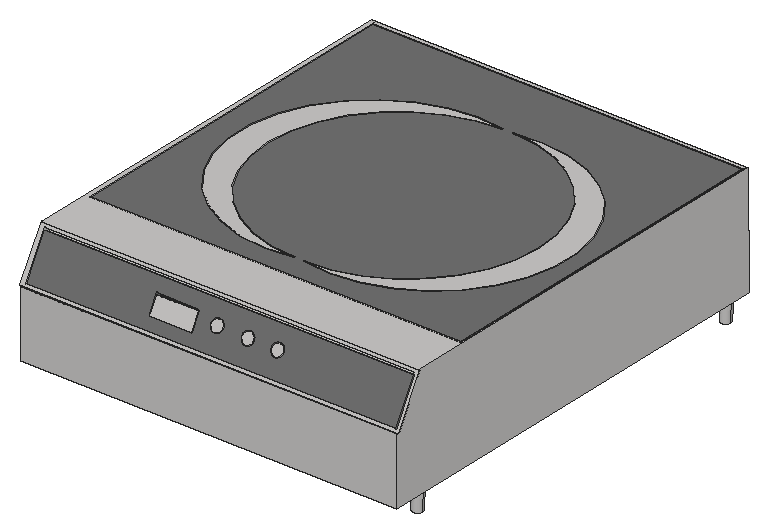
Revit family "QF_Vollrath 6950403F", category Specialty Equipment, Revit 2016
Family settings
  Part Type = Normal
  Round Connector Dimension = Use Diameter
  OmniClass Number = 23.40.40.11.21
  OmniClass Title = Hot Cabinets
  Work Plane-Based = No
  Always vertical = Yes
  Cut with Voids When Loaded = No
  Shared = No
  Room Calculation Point = No
Parameters (values of type "240V")
  Weight in Pounds = 26
  Watts = 3500 W
  Watermarked By = "http://revitwatermark.com"
  Volts = 240 V
  URL Cutsheet = ""
  URL = "www.vollrathco.com"
  Status [instance] = ""
  Specification by User [instance] = ""
  Specification by Manufacturer = ""
  Serial Number [instance] = ""
  Seismic Rating [instance] = ""
  Revision Code [instance] = ""
  Phase = 1
  Number of Poles [instance] = 1
  NAFEM Spec ID Number [instance] = ""
  Model = "6950403F"
  Masterspec = ""
  Manufacturer = "Vollrath"
  Item Number [instance] = ""
  Installed By [instance] = ""
  Height AFF [instance] = 36.00"
  Furnished By [instance] = ""
  Foodservice Equipment Identifier [instance] = yes
  FL Amps = 14.6 A
  Electrical Remarks [instance] = ""
  Electric Connection Type [instance] = ""
  Elec Conn RI Height [instance] = 0.00"
  Elec Conn Connection Height = 2.00"
  Description = "Induction Fajita Skillet Heater"
  Cycle = 60 Hz
  Conn Plug = "UK"
  CSI MasterFormat = "11 42 13"
  Assembly Code = "E1090320"
  Apparent Power = if(Phase = 3, Volts * FL Amps * 1.73, Volts * FL Amps)  # 3504 VA
Types (2): name | Watts | Volts | Apparent Power
  208V | 3000 W | 208 V | 3036.8 VA
  240V | 3500 W | 240 V | 3504 VA
Reference planes (in)
  plane 1: z = 0
  plane 2 "LEFT": x = 48
  plane 3 "BACK": y = -48.065
  plane 4 "BOTTOM": z = 36
  plane 5 "FRONT": y = -66.565
  plane 6 "TOP": z = 41.75
  plane 7: z = 37
  plane 8: y = -44.065
  plane 9: y = -55.69891
  plane 10: x = 55.40773
  plane 11: z = 37.5
  plane 12: y = -68.5
  plane 13: y = -68.875
  plane 14: z = 13.68
  plane 15: x = 52.90535
  plane 16: x = 56.69695
  plane 17: z = 41.03691
  plane 18: x = 63.875
  plane 19: x = 63.8
  plane 20: y = -33.065
  plane 21: y = -33.065
  plane 22: y = -63.065
  plane 23: x = 63.125
Forms (in)
  Extrusion 1, solid, material "QF_Finishes_Stainless Steel"
    sketch origin (-3.7916, -63.31853, 8.31191) x (1, 0, 0) y (0, 0.5, 0.866025)
      loop
        line (51.72615, 27.93) -> (51.72615, 25.68) -> (67.6666, 25.68) -> (67.6666, 27.93) -> (51.72615, 27.93)
      loop
        line (51.91648, 27.77623) -> (51.91648, 25.78901) -> (67.52615, 25.78901) -> (67.52615, 27.77623) -> (51.91648, 27.77623)
    from 18.14569 to 18.5
  Extrusion 2, solid, material "QF_Finishes_Stainless Steel"
    sketch origin (-0.7916, -63.31853, 8.31191) x (1, 0, 0) y (0, 0.5, 0.866025)
      loop
        circle (56.57861, 26.80981) r 0.25
      loop
        circle (57.87771, 26.79276) r 0.25
      loop
        circle (59.12771, 26.79276) r 0.25
      loop
        line (55.70231, 27.0436) -> (53.95231, 27.0436) -> (53.95231, 26.2936) -> (55.70231, 26.2936) -> (55.70231, 27.0436)
    from 18.14569 to 18.5
  Extrusion 3, solid, material "QF_Finishes_Stainless Steel"
    sketch origin (-3.7916, -63.31853, 8.31191) x (1, 0, 0) y (0, 0.5, 0.866025)
      loop
        circle (60.87771, 26.79276) r 0.25
      loop
        circle (62.12771, 26.79276) r 0.25
    from 18.14569 to 18.5
  Extrusion 4, solid, material "QF_Finishes_Dark Grey"
    sketch origin (-3.7916, -63.81619, 8.52747) x (1, 0, 0) y (0, 0.5, 0.866025)
      loop
        line (51.91648, 25.85116) -> (67.52615, 25.85116) -> (67.52615, 27.73116) -> (51.91648, 27.73116) -> (51.91648, 25.85116)
      loop
        circle (62.11833, 26.8549) r 0.25
      loop
        circle (60.86833, 26.8549) r 0.25
      loop
        circle (59.56257, 26.87196) r 0.25
      loop
        line (56.91027, 27.17207) -> (56.91027, 26.42207) -> (58.66027, 26.42207) -> (58.66027, 27.17207) -> (56.91027, 27.17207)
    from 17.96123 to 17.60693
  Blend 5, solid, material "QF_Finishes_Stainless Steel"
    base sketch origin (0, 0, 0) x (1, 0, 0) y (0, 1, 0)
      loop
        circle (48.59304, -48.57669) r 0.20891
    top sketch origin (0, 0, 0) x (1, 0, 0) y (0, 1, 0)
      loop
        circle (48.59304, -48.57669) r 0.25
    from 36 to 37
  Blend 6, solid, material "QF_Finishes_Stainless Steel"
    base sketch origin (0, -16.25, 0) x (1, 0, 0) y (0, 1, 0)
      loop
        circle (48.59304, -48.57669) r 0.20891
    top sketch origin (0, -16.25, 0) x (1, 0, 0) y (0, 1, 0)
      loop
        circle (48.59304, -48.57669) r 0.25
    from 36 to 37
  Extrusion 7, solid, material "QF_Finishes_Stainless Steel"
    sketch origin (0, 0, 0) x (1, 0, 0) y (0, 1, 0)
      loop
        line (48, -48.065) -> (48, -63.33282) -> (63.875, -63.33282) -> (63.875, -48.065) -> (48, -48.065)
      loop
        line (48.19033, -48.2633) -> (48.19033, -63.13416) -> (63.8, -63.13416) -> (63.8, -48.2633) -> (48.19033, -48.2633)
    from 37.5 to 41.75
  Extrusion 8, solid, material "QF_Finishes_Dark Grey"
    sketch origin (0, 0, 0) x (1, 0, 0) y (0, 1, 0)
      loop
        line (48.19033, -48.1983) -> (48.19033, -63.13416) -> (63.8, -63.13416) -> (63.8, -48.1983) -> (48.19033, -48.1983)
      loop
        arc (55.97023, -62.10442) -> (50.47023, -56.60442) -> (55.97023, -51.10442) r 5.5
        arc (55.97023, -51.10442) -> (49.24086, -56.60442) -> (55.97023, -62.10442) r 5.61229
      loop
        arc (56.36159, -62.10442) -> (63.09096, -56.60442) -> (56.36159, -51.10442) r 5.61229
        arc (56.36159, -51.10442) -> (61.86159, -56.60442) -> (56.36159, -62.10442) r 5.5
    from 41.75 to 37.5
  Extrusion 9, solid, material "QF_Finishes_Stainless Steel"
    sketch origin (48, 0, -0.15599) x (0, 1, 0) y (0, 0, 1)
      loop
        line (-66.565, 37.15599) -> (-48.065, 37.15599) -> (-48.065, 37.65599) -> (-66.565, 37.65599) -> (-66.565, 37.15599)
    from 0 to 15.875
  Extrusion 10, solid, material "QF_Finishes_Stainless Steel"
    sketch origin (48, 0, 0) x (0, 1, 0) y (0, 0, 1)
      loop
        line (-65.44, 41.75) -> (-65.13316, 41.57285) -> (-66.25816, 39.62429) -> (-66.565, 39.80144) -> (-66.565, 37.5) -> (-63.13416, 37.5) -> (-63.13416, 41.75) -> (-65.44, 41.75)
    from 0 to 15.875
  Extrusion 11, solid, material "QF_Finishes_Stainless Steel", not visible
    sketch origin (0, -63.31853, -5.50809) x (1, 0, 0) y (0, 0.5, 0.866025)
      loop
        line (51.72615, 27.93) -> (51.72615, 25.68) -> (67.6666, 25.68) -> (67.6666, 27.93) -> (51.72615, 27.93)
      loop
        line (51.91648, 27.77623) -> (51.91648, 25.78901) -> (67.52615, 25.78901) -> (67.52615, 27.77623) -> (51.91648, 27.77623)
    from 18.14569 to 18.5
  Extrusion 12, solid, material "QF_Finishes_Stainless Steel", not visible
    sketch origin (3, -63.31853, -5.50809) x (1, 0, 0) y (0, 0.5, 0.866025)
      loop
        circle (56.57861, 26.80981) r 0.25
      loop
        circle (57.87771, 26.79276) r 0.25
      loop
        circle (59.12771, 26.79276) r 0.25
      loop
        line (55.70231, 27.0436) -> (53.95231, 27.0436) -> (53.95231, 26.2936) -> (55.70231, 26.2936) -> (55.70231, 27.0436)
    from 18.14569 to 18.5
  Extrusion 13, solid, material "QF_Finishes_Stainless Steel", not visible
    sketch origin (0, -63.31853, -5.50809) x (1, 0, 0) y (0, 0.5, 0.866025)
      loop
        circle (60.87771, 26.79276) r 0.25
      loop
        circle (62.12771, 26.79276) r 0.25
    from 18.14569 to 18.5
  Extrusion 14, solid, material "QF_Finishes_Dark Grey", not visible
    sketch origin (0, -63.81619, -5.29253) x (1, 0, 0) y (0, 0.5, 0.866025)
      loop
        line (51.91648, 25.85116) -> (67.52615, 25.85116) -> (67.52615, 27.73116) -> (51.91648, 27.73116) -> (51.91648, 25.85116)
      loop
        circle (62.11833, 26.8549) r 0.25
      loop
        circle (60.86833, 26.8549) r 0.25
      loop
        circle (59.56257, 26.87196) r 0.25
      loop
        line (56.91027, 27.17207) -> (56.91027, 26.42207) -> (58.66027, 26.42207) -> (58.66027, 27.17207) -> (56.91027, 27.17207)
    from 17.96123 to 17.60693
  Extrusion 15, solid, material "QF_Finishes_Stainless Steel"
    sketch origin (0, 0, 0) x (1, 0, 0) y (0, 1, 0)
      loop
        arc (55.97023, -62.10442) -> (50.47023, -56.60442) -> (55.97023, -51.10442) r 5.5
        arc (55.97023, -51.10442) -> (49.24086, -56.60442) -> (55.97023, -62.10442) r 5.61229
      loop
        arc (56.36159, -62.10442) -> (63.09096, -56.60442) -> (56.36159, -51.10442) r 5.61229
        arc (56.36159, -51.10442) -> (61.86159, -56.60442) -> (56.36159, -62.10442) r 5.5
    from 41.03691 to 41.75
  Blend 16, solid, material "QF_Finishes_Stainless Steel"
    base sketch origin (14.75, 0, 0) x (1, 0, 0) y (0, 1, 0)
      loop
        circle (48.59304, -48.57669) r 0.20891
    top sketch origin (14.75, 0, 0) x (1, 0, 0) y (0, 1, 0)
      loop
        circle (48.59304, -48.57669) r 0.25
    from 36 to 37
  Blend 17, solid, material "QF_Finishes_Stainless Steel"
    base sketch origin (14.75, -16.25, 0) x (1, 0, 0) y (0, 1, 0)
      loop
        circle (48.59304, -48.57669) r 0.20891
    top sketch origin (14.75, -16.25, 0) x (1, 0, 0) y (0, 1, 0)
      loop
        circle (48.59304, -48.57669) r 0.25
    from 36 to 37
  Extrusion 18, solid, material "QF_Finishes_Stainless Steel"
    sketch origin (-14, -48.065, 0) x (1, 0, 0) y (0, 0, 1)
      loop
        circle (63.125, 37.5) r 0.25
    from 0 to -0.29165
  Extrusion 19, solid, material "QF_Finishes_Clearances", detail levels coarse
    sketch origin (0, 0, 0) x (1, 0, 0) y (0, 1, 0)
      loop
        line (48, -44.065) -> (48, -48.065) -> (63.875, -48.065) -> (63.875, -44.065) -> (48, -44.065)
    from 36 to 41.75
Cuts and joins
  joined: Extrusion 1, Extrusion 7, Extrusion 9, Extrusion 10
Lines and regions (in)
  symbolic lines
    curve 1: line (63.875, -48.065, 0) -> (48, -48.065, 0)
    curve 2: line (48, -48.065, 0) -> (48, -66.565, 0)
    curve 3: line (63.875, -66.565, 0) -> (63.875, -48.065, 0)
    curve 4: line (63.875, -65.19865, 0) -> (48, -65.19865, 0)
    curve 5: line (48, -66.565, 0) -> (63.875, -66.565, 0)
    curve 6: arc (55.97023, -51.10442, 0) -> (49.24086, -56.60442, 0) -> (55.97023, -62.10442, 0) r 5.61229
    curve 7: arc (55.97023, -62.10442, 0) -> (50.47023, -56.60442, 0) -> (55.97023, -51.10442, 0) r 5.5
    curve 8: arc (56.36159, -62.10442, 0) -> (63.09096, -56.60442, 0) -> (56.36159, -51.10442, 0) r 5.61229
    curve 9: arc (56.36159, -51.10442, 0) -> (61.86159, -56.60442, 0) -> (56.36159, -62.10442, 0) r 5.5
    curve 10: line (63.875, -63.13416, 0) -> (48, -63.13416, 0)
Dimensions and locks (in)
  "Height AFF": plane 4 "BOTTOM" to level
  plane 5 "FRONT" to plane 3 "BACK" = 18.50"
  locked: plane 3 "BACK" to plane 8 at 4
  locked: plane 7 to plane 4 "BOTTOM" at 1
  Blend 5 sketch curve to plane 3 "BACK" = 0.51168"
  locked: Blend 5 sketch curve to plane 3 "BACK" at 0.51168
  plane 2 "LEFT" to plane 10 = 7.40773"
  equal spacing: Extrusion 7, plane 9, plane 3 "BACK"
  locked: plane 6 "TOP" to plane 7 at 4.75
  locked: plane 11 to plane 7 at 0.5
  locked: plane 12 to plane 13 at 0.375
  locked: plane 6 "TOP" to Extrusion 4 at 0.98488
  locked: plane 6 "TOP" to plane 17 at 0.71309
  plane 2 "LEFT" to plane 18 = 15.875"
  aligned and locked: level to plane 1
  aligned and locked: plane 7 to Blend 6
  aligned and locked: Blend 6 to plane 4 "BOTTOM"
  aligned and locked: plane 7 to Blend 5
  aligned and locked: Blend 5 to plane 4 "BOTTOM"
  aligned and locked: plane 6 "TOP" to Extrusion 7
  aligned and locked: plane 7 to cut or joined group of Extrusion 1, Extrusion 7, Extrusion 9, Extrusion 10
  aligned and locked: cut or joined group of Extrusion 1, Extrusion 7, Extrusion 9, Extrusion 10 to plane 11
  aligned and locked: Extrusion 8 to cut or joined group of Extrusion 1, Extrusion 7, Extrusion 9, Extrusion 10  (x3)
  aligned and locked: Extrusion 1 to Extrusion 7
  aligned and locked: Extrusion 10 to Extrusion 1
  aligned and locked: Extrusion 9 to Extrusion 1
  aligned and locked: Extrusion 9 to Extrusion 7  (x2)
  aligned and locked: cut or joined group of Extrusion 1, Extrusion 7, Extrusion 9, Extrusion 10 to Extrusion 8
  aligned and locked: plane 6 "TOP" to Extrusion 15
  aligned and locked: Extrusion 15 to plane 17
  aligned and locked: Extrusion 4 to cut or joined group of Extrusion 1, Extrusion 7, Extrusion 9, Extrusion 10
  aligned and locked: Extrusion 7 to plane 18
  aligned and locked: Extrusion 7 to Extrusion 8
  aligned and locked: plane 7 to Blend 17
  aligned and locked: Blend 17 to plane 4 "BOTTOM"
  aligned and locked: plane 7 to Blend 16
  aligned and locked: Blend 16 to plane 4 "BOTTOM"
  aligned and locked: plane 2 "LEFT" to Extrusion 19 sketch curve
  aligned and locked: Extrusion 19 sketch curve to cut or joined group of Extrusion 1, Extrusion 7, Extrusion 9, Extrusion 10  (x2)
  aligned and locked: plane 6 "TOP" to Extrusion 19
  aligned and locked: Extrusion 19 to plane 4 "BOTTOM"
Automatic sketch dimensions
  Extrusion 1 sketch curve to Extrusion 1 sketch curve = 0.10901"
  Extrusion 1 sketch curve to Extrusion 1 sketch curve = 1.98721"
  Extrusion 1 sketch curve to Extrusion 1 sketch curve = 0.15377"
  Extrusion 1 sketch curve to Extrusion 1 sketch curve = 0.19033"
  Extrusion 1 sketch curve to Extrusion 1 sketch curve = 15.60967"
  Extrusion 1 sketch curve to Extrusion 1 sketch curve = 0.14045"
  Extrusion 11 sketch curve to Extrusion 11 sketch curve = 0.10901"
  Extrusion 11 sketch curve to Extrusion 11 sketch curve = 1.98721"
  Extrusion 11 sketch curve to Extrusion 11 sketch curve = 0.15377"
  Extrusion 11 sketch curve to Extrusion 11 sketch curve = 0.19033"
  Extrusion 11 sketch curve to Extrusion 11 sketch curve = 15.60967"
  Extrusion 11 sketch curve to Extrusion 11 sketch curve = 0.14045"
  Extrusion 3 sketch curve to Extrusion 3 sketch curve = 0.25"  (x2)
  Extrusion 3 sketch curve to Extrusion 3 sketch curve = 0.75"
  Extrusion 3 sketch curve to Extrusion 3 sketch curve = 0.00"  (x5)
  Extrusion 13 sketch curve to Extrusion 13 sketch curve = 0.25"  (x2)
  Extrusion 13 sketch curve to Extrusion 13 sketch curve = 0.75"
  Extrusion 13 sketch curve to Extrusion 13 sketch curve = 0.00"  (x5)
  plane 2 "LEFT" to Blend 5 sketch curve = 0.59304"  (x2)
  plane 2 "LEFT" to Blend 6 sketch curve = 0.59304"  (x2)
  plane 5 "FRONT" to Blend 6 sketch curve = 1.73832"  (x2)
  Extrusion 7 sketch curve to plane 2 "LEFT" = 0.00"
  Extrusion 7 sketch curve to plane 19 = 0.00"
  plane 3 "BACK" to Extrusion 7 sketch curve = 0.00"
  Extrusion 7 sketch curve to plane 18 = 0.00"
  plane 2 "LEFT" to Extrusion 7 sketch curve = 0.19033"
  plane 3 "BACK" to Extrusion 7 sketch curve = 0.1983"
  plane 5 "FRONT" to Extrusion 7 sketch curve = 3.43084"
  Extrusion 7 sketch curve to Extrusion 7 sketch curve = 0.19866"
  Extrusion 9 sketch curve to plane 5 "FRONT" = 0.00"
  Extrusion 9 sketch curve to plane 3 "BACK" = 0.00"
  Extrusion 9 sketch curve to plane 7 = 0.00"
  Extrusion 9 sketch curve to plane 11 = 0.00"
  plane 19 to Blend 16 sketch curve = 0.45696"  (x2)
  plane 3 "BACK" to Blend 16 sketch curve = 0.51168"  (x2)
  plane 19 to Blend 17 sketch curve = 0.45696"  (x2)
  plane 5 "FRONT" to Blend 17 sketch curve = 1.73832"  (x2)
  Extrusion 4 sketch curve to Extrusion 4 sketch curve = 0.00"  (x7)
  plane 15 to Extrusion 4 sketch curve = 4.78048"
  Extrusion 4 sketch curve to plane 15 = 0.21332"
  Extrusion 4 sketch curve to Extrusion 4 sketch curve = 1.75"
  Extrusion 4 sketch curve to Extrusion 4 sketch curve = 0.65229"
  Extrusion 4 sketch curve to Extrusion 4 sketch curve = 0.25"  (x3)
  Extrusion 4 sketch curve to Extrusion 4 sketch curve = 0.80576"
  Extrusion 4 sketch curve to Extrusion 4 sketch curve = 0.75"
  Extrusion 4 sketch curve to Extrusion 4 sketch curve = 5.15782"
  Extrusion 4 sketch curve to Extrusion 4 sketch curve = 0.57091"
  Extrusion 4 sketch curve to Extrusion 4 sketch curve = 0.43284"
  Extrusion 4 sketch curve to Extrusion 4 sketch curve = 0.44989"
  Extrusion 4 sketch curve to Extrusion 4 sketch curve = 0.30011"
  Extrusion 4 sketch curve to Extrusion 4 sketch curve = 1.88"
  Extrusion 2 sketch curve to Extrusion 2 sketch curve = 1.75"
  Extrusion 2 sketch curve to Extrusion 2 sketch curve = 0.87629"
  Extrusion 2 sketch curve to Extrusion 2 sketch curve = 1.29911"
  Extrusion 2 sketch curve to Extrusion 2 sketch curve = 1.25"
  Extrusion 2 sketch curve to Extrusion 2 sketch curve = 0.49916"
  Extrusion 2 sketch curve to Extrusion 2 sketch curve = 0.00"
  Extrusion 2 sketch curve to Extrusion 2 sketch curve = 0.51622"
  Extrusion 2 sketch curve to Extrusion 2 sketch curve = 0.75"
  Extrusion 14 sketch curve to Extrusion 14 sketch curve = 0.00"  (x7)
  plane 16 to Extrusion 14 sketch curve = 4.78048"
  Extrusion 14 sketch curve to plane 16 = 0.21332"
  Extrusion 14 sketch curve to Extrusion 14 sketch curve = 1.75"
  Extrusion 14 sketch curve to Extrusion 14 sketch curve = 0.65229"
  Extrusion 14 sketch curve to Extrusion 14 sketch curve = 0.25"  (x3)
  Extrusion 14 sketch curve to Extrusion 14 sketch curve = 0.80576"
  Extrusion 14 sketch curve to Extrusion 14 sketch curve = 0.75"
  Extrusion 14 sketch curve to Extrusion 14 sketch curve = 5.15782"
  Extrusion 14 sketch curve to Extrusion 14 sketch curve = 0.57091"
  Extrusion 14 sketch curve to Extrusion 14 sketch curve = 0.43284"
  Extrusion 14 sketch curve to Extrusion 14 sketch curve = 0.44989"
  Extrusion 14 sketch curve to Extrusion 14 sketch curve = 0.30011"
  Extrusion 14 sketch curve to Extrusion 14 sketch curve = 1.88"
  Extrusion 12 sketch curve to Extrusion 12 sketch curve = 1.75"
  Extrusion 12 sketch curve to Extrusion 12 sketch curve = 0.87629"
  Extrusion 12 sketch curve to Extrusion 12 sketch curve = 1.29911"
  Extrusion 12 sketch curve to Extrusion 12 sketch curve = 1.25"
  Extrusion 12 sketch curve to Extrusion 12 sketch curve = 0.49916"
  Extrusion 12 sketch curve to Extrusion 12 sketch curve = 0.00"
  Extrusion 12 sketch curve to Extrusion 12 sketch curve = 0.51622"
  Extrusion 12 sketch curve to Extrusion 12 sketch curve = 0.75"
  Extrusion 8 sketch curve to plane 19 = 0.00"
  Extrusion 8 sketch curve to plane 9 = 0.90551"  (x2)
  plane 10 to Extrusion 8 sketch curve = 2.07094"
  plane 10 to Extrusion 8 sketch curve = 0.95387"
  Extrusion 8 sketch curve to Extrusion 8 sketch curve = 0.39137"
  Extrusion 8 sketch curve to plane 10 = 0.55457"
  plane 2 "LEFT" to Extrusion 8 sketch curve = 0.19033"
  plane 5 "FRONT" to Extrusion 8 sketch curve = 4.46058"
  Extrusion 8 sketch curve to Extrusion 8 sketch curve = 0.00"
  plane 5 "FRONT" to Extrusion 8 sketch curve = 3.43084"
  plane 3 "BACK" to Extrusion 8 sketch curve = 0.1333"
  Extrusion 10 sketch curve to plane 5 "FRONT" = 0.00"
  Extrusion 10 sketch curve to plane 6 "TOP" = 0.00"
  Extrusion 10 sketch curve to plane 11 = 0.00"
  plane 5 "FRONT" to Extrusion 10 sketch curve = 0.30684"
  plane 5 "FRONT" to Extrusion 10 sketch curve = 1.125"
  Extrusion 10 sketch curve to plane 6 "TOP" = 0.17715"
  Extrusion 10 sketch curve to Extrusion 10 sketch curve = 0.30684"
  Extrusion 10 sketch curve to Extrusion 10 sketch curve = 1.999"
  plane 2 "LEFT" to Extrusion 15 sketch curve = 6.85315"
  plane 3 "BACK" to Extrusion 15 sketch curve = 3.03942"
  Extrusion 15 sketch curve to Extrusion 15 sketch curve = 1.11707"  (x2)
  Extrusion 15 sketch curve to Extrusion 15 sketch curve = 5.50"
  Extrusion 15 sketch curve to Extrusion 15 sketch curve = 0.39137"
  Extrusion 15 sketch curve to Extrusion 15 sketch curve = 0.00"  (x2)
  Extrusion 18 sketch curve to plane 11 = 0.00"
  plane 23 to Extrusion 18 sketch curve = 14.00"
  curve 10 to plane 2 "LEFT" = 0.00"
  curve 3 to plane 5 "FRONT" = 0.00"
  curve 3 to plane 18 = 0.00"
  plane 3 "BACK" to curve 2 = 0.00"
  plane 2 "LEFT" to curve 6 = 6.85315"
  plane 3 "BACK" to curve 6 = 3.03942"
  curve 6 to curve 6 = 1.11707"
  curve 7 to curve 9 = 0.39137"
  curve 9 to curve 8 = 1.11707"
  curve 2 to curve 4 = 1.36635"
  plane 22 to curve 10 = 0.06916"
  curve 6 to plane 22 = 0.96058"
  curve 7 to curve 8 = 0.00"  (x2)
  Extrusion 19 sketch curve to plane 8 = 0.00"
  radius of Blend 5 sketch curve = 0.20891"
  radius of Blend 5 sketch curve = 0.25"
  radius of Blend 6 sketch curve = 0.20891"
  radius of Blend 6 sketch curve = 0.25"
  radius of Blend 16 sketch curve = 0.20891"
  radius of Blend 16 sketch curve = 0.25"
  radius of Blend 17 sketch curve = 0.20891"
  radius of Blend 17 sketch curve = 0.25"
  radius of Extrusion 2 sketch curve = 0.25"  (x3)
  radius of Extrusion 12 sketch curve = 0.25"  (x3)
  radius of Extrusion 18 sketch curve = 0.25"
Connectors (in)
  electrical at (49.125, -47.77335, 37.5), driven by "Number of Poles", driven by "Volts", driven by "Apparent Power"
    settings: on Extrusion 18, index 1, voltage 240 V, apparent load 3504 VA, apparent load phase1 0 VA, apparent load phase2 0 VA, apparent load phase3 0 VA, power factor 1, load classification "Other", number of poles 1, system type 30, power factor state 1, is connector primary yes, connector utility no, sub classification motor no, connector description "Electric Connection"
